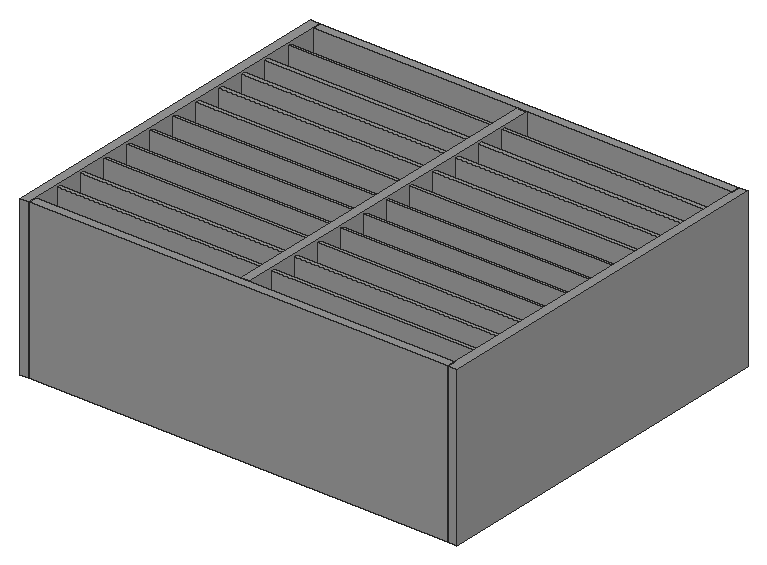
Revit family "TMI - W1810 - Wall_Open_Folio Storage1", category Casework, host Face, Revit 2016
Family settings
  Host = Face
  OmniClass Number = 23.40.35.14.11
  OmniClass Title = Modular Casework
  Cut with Voids When Loaded = No
  Shared = No
  Room Calculation Point = No
Parameters (values of type "36" x 30" x 13"")
  Width = 36"
  URL = "www.tmisystems.com"
  Two Verticals [instance] = Amount of Verticals = 2  # no
  One Vertical [instance] = Amount of Verticals = 1  # yes
  Model = "W1810"
  Manufacturer = "TMI Systems Corporation"
  Interior Finish = none
  Height = 30"
  Filler Width (Right) [instance] = 3"
  Filler Width (Left) [instance] = 3"
  Filler Right [instance] = no
  Filler Left [instance] = no
  Description = "Wall, Open, Folio Storage"
  Depth = 13"
  Default Elevation = 84"
  Casework Thickness = 3/4"
  Casework Back Thickness = 1/4"
  Cabinet Finish = Plastic Laminate
  Amount of Verticals [instance] = 1
Types (6): name | Width
  24" x 30" x 13" | 24"
  27" x 30" x 13" | 27"
  30" x 30" x 13" | 30"
  33" x 30" x 13" | 33"
  36" x 30" x 13" | 36"
  21" x 30" x 13" | 21"
Reference planes (in)
  plane 1 "Center (Front/Back)": y = 0
  plane 2: z = 0
  plane 3 "Center (Left/Right)": x = 0
  plane 4: x = -18
  plane 5: x = 18
  plane 6: y = -25.25
  plane 7: y = -4.75
  plane 8: x = -21
  plane 9: x = 21
  plane 10: z = 0.75
  plane 11: z = 1
  plane 12: y = -30
  plane 13: x = -17.25
  plane 14: y = -29.25
  plane 15: x = 17.25
  plane 16: y = -0.75
  plane 17: x = -0.375
  plane 18: x = 0.375
  plane 19: z = 12.875
  plane 20: x = -5.75
  plane 21: x = 5.75
  plane 22: x = 6.125
  plane 23: x = 5.375
  plane 24: x = -6.125
  plane 25: x = -5.375
  plane 26: z = 13
  plane 27: z = 12.25
Forms (in)
  Extrusion 1, solid, material "Plastic Laminate" <- "Cabinet Finish"
    sketch origin (0, -30, 0) x (1, 0, 0) y (0, 1, 0)
      loop
        line (-18, 30) -> (-18, 0) -> (-17.25, 0) -> (-17.25, 30) -> (-18, 30)
      loop
        line (17.25, 30) -> (17.25, 0) -> (18, 0) -> (18, 30) -> (17.25, 30)
    from 0 to 13
  Extrusion 2, solid, material "Plastic Laminate" <- "Cabinet Finish"
    sketch origin (0, -30, 0) x (1, 0, 0) y (0, 1, 0)
      loop
        line (-17.25, 29.25) -> (17.25, 29.25) -> (17.25, 30) -> (-17.25, 30) -> (-17.25, 29.25)
      loop
        line (-17.25, 0.75) -> (-17.25, 0) -> (17.25, 0) -> (17.25, 0.75) -> (-17.25, 0.75)
    from 0 to 13
  Extrusion 3, solid, material "Wood"
    sketch origin (0, -30, 0) x (1, 0, 0) y (0, 1, 0)
      loop
        line (-17.28125, 29.25) -> (-17.28125, 25.25) -> (17.28125, 25.25) -> (17.28125, 29.25) -> (-17.28125, 29.25)
      loop
        line (-17.28125, 4.75) -> (-17.28125, 0.75) -> (17.28125, 0.75) -> (17.28125, 4.75) -> (-17.28125, 4.75)
    from 0 to 0.75
  Extrusion 4, solid, material "Plastic Laminate" <- "Cabinet Finish"
    sketch origin (0, 0, 0) x (1, 0, 0) y (0, 0, 1)
      loop
        line (-17.28125, 1) -> (-17.28125, 0.75) -> (17.28125, 0.75) -> (17.28125, 1) -> (-17.28125, 1)
    from 0.36945 to 29.6345
  Extrusion 5, solid, material "Plastic Laminate" <- "Cabinet Finish", visible <- "Filler Left"
    sketch origin (0, -30, 0) x (1, 0, 0) y (0, 1, 0)
      loop
        line (-21, 30) -> (-21, 0) -> (-18, 0) -> (-18, 30) -> (-21, 30)
    from 12.25 to 13
  Extrusion 6, solid, material "Plastic Laminate" <- "Cabinet Finish", visible <- "Filler Right"
    sketch origin (0, -30, 0) x (1, 0, 0) y (0, 1, 0)
      loop
        line (21, 30) -> (18, 30) -> (18, 0) -> (21, 0) -> (21, 30)
    from 12.25 to 13
  Extrusion 7, solid, material "Plastic Laminate" <- "Cabinet Finish", visible <- "One Vertical"
    sketch origin (0, 0, 0) x (1, 0, 0) y (0, 1, 0)
      loop
        line (-0.375, -0.75) -> (-0.375, -29.25) -> (0.375, -29.25) -> (0.375, -0.75) -> (-0.375, -0.75)
    from 1 to 13
  Extrusion 8, solid, material "Plastic Laminate" <- "Cabinet Finish", visible <- "Two Verticals"
    sketch origin (0, 0, 0) x (1, 0, 0) y (0, 1, 0)
      loop
        line (6.125, -0.75) -> (5.375, -0.75) -> (5.375, -29.25) -> (6.125, -29.25) -> (6.125, -0.75)
      loop
        line (-6.125, -29.25) -> (-5.375, -29.25) -> (-5.375, -0.75) -> (-6.125, -0.75) -> (-6.125, -29.25)
    from 1 to 13
  Extrusion 9, solid, material "Plastic Laminate" <- "Cabinet Finish"
    sketch origin (0, 0, 0) x (1, 0, 0) y (0, 1, 0)
      loop
        line (-17.25, -3.125) -> (-17.25, -3.375) -> (17.25, -3.375) -> (17.25, -3.125) -> (-17.25, -3.125)
      loop
        line (-17.25, -5.5) -> (-17.25, -5.75) -> (17.25, -5.75) -> (17.25, -5.5) -> (-17.25, -5.5)
      loop
        line (-17.25, -7.875) -> (-17.25, -8.125) -> (17.25, -8.125) -> (17.25, -7.875) -> (-17.25, -7.875)
      loop
        line (-17.25, -10.25) -> (-17.25, -10.5) -> (17.25, -10.5) -> (17.25, -10.25) -> (-17.25, -10.25)
      loop
        line (-17.25, -12.625) -> (-17.25, -12.875) -> (17.25, -12.875) -> (17.25, -12.625) -> (-17.25, -12.625)
      loop
        line (-17.25, -15) -> (-17.25, -15.25) -> (17.25, -15.25) -> (17.25, -15) -> (-17.25, -15)
      loop
        line (-17.25, -17.375) -> (-17.25, -17.625) -> (17.25, -17.625) -> (17.25, -17.375) -> (-17.25, -17.375)
      loop
        line (-17.25, -19.75) -> (-17.25, -20) -> (17.25, -20) -> (17.25, -19.75) -> (-17.25, -19.75)
      loop
        line (-17.25, -22.125) -> (-17.25, -22.375) -> (17.25, -22.375) -> (17.25, -22.125) -> (-17.25, -22.125)
      loop
        line (-17.25, -24.5) -> (-17.25, -24.75) -> (17.25, -24.75) -> (17.25, -24.5) -> (-17.25, -24.5)
      loop
        line (-17.25, -26.875) -> (-17.25, -27.125) -> (17.25, -27.125) -> (17.25, -26.875) -> (-17.25, -26.875)
    from 1 to 12.875
Lines and regions (in)
  Masking region 1
    outline origin (0, 0, 0) x (1, 0, 0) y (0, 0, 1)
      loop
        line (-18, 13) -> (-18, 0) -> (18, 0) -> (18, 13) -> (-18, 13)
  Masking region 2, visible <- "Filler Left"
    outline origin (0, 0, 0) x (1, 0, 0) y (0, 0, 1)
      loop
        line (-21, 13) -> (-21, 12.25) -> (-18, 12.25) -> (-18, 13) -> (-21, 13)
  Masking region 3, visible <- "Filler Right"
    outline origin (0, 0, 0) x (1, 0, 0) y (0, 0, 1)
      loop
        line (18, 13) -> (18, 12.25) -> (21, 12.25) -> (21, 13) -> (18, 13)
  symbolic lines
    curve 1: line (18, 0, 0) -> (18, -30, 0)
    curve 2: line (0, 0, 13) -> (0, -0.75, 13)
    curve 3: line (0, -0.75, 13) -> (0, -0.75, 1)
    curve 4: line (0, -0.75, 0.75) -> (0, -0.75, 0)
    curve 5: line (0, -0.75, 0) -> (0, 0, 0)
    curve 6: line (0, 0, 0) -> (0, 0, 13)
    curve 7: line (0, -29.25, 13) -> (0, -30, 13)
    curve 8: line (0, -30, 13) -> (0, -30, 0)
    curve 9: line (0, -30, 0) -> (0, -29.25, 0)
    curve 10: line (0, -29.25, 0) -> (0, -29.25, 0.75)
    curve 11: line (0, -29.25, 1) -> (0, -29.25, 13)
  symbolic lines, style "CaseworkHiddenLines"
    curve 12: line (0, -3.125, 1) -> (0, -3.125, 12.875)
    curve 13: line (0, -3.125, 12.875) -> (0, -3.375, 12.875)
    curve 14: line (0, -3.375, 12.875) -> (0, -3.375, 1)
    curve 15: line (0, -5.5, 1) -> (0, -5.5, 12.875)
    curve 16: line (0, -5.5, 12.875) -> (0, -5.75, 12.875)
    curve 17: line (0, -5.75, 12.875) -> (0, -5.75, 1)
    curve 18: line (0, -7.875, 1) -> (0, -7.875, 12.875)
    curve 19: line (0, -7.875, 12.875) -> (0, -8.125, 12.875)
    curve 20: line (0, -8.125, 12.875) -> (0, -8.125, 1)
    curve 21: line (0, -10.25, 1) -> (0, -10.25, 12.875)
    curve 22: line (0, -10.25, 12.875) -> (0, -10.5, 12.875)
    curve 23: line (0, -10.5, 12.875) -> (0, -10.5, 1)
    curve 24: line (0, -12.625, 1) -> (0, -12.625, 12.875)
    curve 25: line (0, -12.625, 12.875) -> (0, -12.875, 12.875)
    curve 26: line (0, -12.875, 12.875) -> (0, -12.875, 1)
    curve 27: line (0, -15, 1) -> (0, -15, 12.875)
    curve 28: line (0, -15, 12.875) -> (0, -15.25, 12.875)
    curve 29: line (0, -15.25, 12.875) -> (0, -15.25, 1)
    curve 30: line (0, -17.375, 1) -> (0, -17.375, 12.875)
    curve 31: line (0, -17.375, 12.875) -> (0, -17.625, 12.875)
    curve 32: line (0, -17.625, 12.875) -> (0, -17.625, 1)
    curve 33: line (0, -19.75, 1) -> (0, -19.75, 12.875)
    curve 34: line (0, -19.75, 12.875) -> (0, -20, 12.875)
    curve 35: line (0, -20, 12.875) -> (0, -20, 1)
    curve 36: line (0, -22.125, 1) -> (0, -22.125, 12.875)
    curve 37: line (0, -22.125, 12.875) -> (0, -22.375, 12.875)
    curve 38: line (0, -22.375, 12.875) -> (0, -22.375, 1)
    curve 39: line (0, -24.5, 1) -> (0, -24.5, 12.875)
    curve 40: line (0, -24.5, 12.875) -> (0, -24.75, 12.875)
    curve 41: line (0, -24.75, 12.875) -> (0, -24.75, 1)
    curve 42: line (0, -26.875, 1) -> (0, -26.875, 12.875)
    curve 43: line (0, -26.875, 12.875) -> (0, -27.125, 12.875)
    curve 44: line (0, -27.125, 12.875) -> (0, -27.125, 1)
Dimensions and locks (in)
  "Casework Thickness": plane 4 to plane 13
  "Casework Thickness": plane 15 to plane 5
  "Filler Width (Left)": plane 8 to plane 4
  "Filler Width (Right)": plane 5 to plane 9
  "Height": plane 1 "Center (Front/Back)" to plane 12
  "Width": plane 4 to plane 5
  equal spacing: plane 4, plane 3 "Center (Left/Right)", plane 5
  "Casework Thickness": plane 10 to plane 2
  "Casework Back Thickness": plane 11 to plane 10
  "Casework Thickness": plane 14 to plane 12
  "Casework Thickness": plane 16 to plane 1 "Center (Front/Back)"
  "Casework Thickness": plane 17 to plane 18
  equal spacing: plane 17, plane 3 "Center (Left/Right)", plane 18
  "Casework Thickness": plane 24 to plane 25
  equal spacing: plane 24, plane 20, plane 25
  equal spacing: plane 23, plane 21, plane 22
  "Casework Thickness": plane 23 to plane 22
  equal spacing: plane 13, plane 20, plane 21, plane 15
  equal spacing: plane 14, Extrusion 9 sketch curve, Extrusion 9 sketch curve, Extrusion 9 sketch curve, Extrusion 9 sketch curve, Extrusion 9 sketch curve, Extrusion 9 sketch curve, Extrusion 9 sketch curve, Extrusion 9 sketch curve, Extrusion 9 sketch curve, Extrusion 9 sketch curve, Extrusion 9 sketch curve, plane 16
  locked: Extrusion 9 sketch curve to Extrusion 9 sketch curve at 0.25  (x11)
  locked: plane 14 to Extrusion 4 at 0.3845
  locked: Extrusion 4 to plane 16 at 0.38055
  "Depth": plane 26 to plane 2
  locked: plane 6 to plane 14 at 4
  locked: plane 7 to plane 16 at 4
  locked: plane 26 to plane 19 at 0.125
  locked: plane 26 to plane 27 at 0.75
  aligned and locked: plane 2 to host face
  aligned and locked: level to host face
  aligned and locked: plane 4 to Extrusion 1 sketch curve
  aligned and locked: Extrusion 1 sketch curve to plane 5
  aligned and locked: Extrusion 1 to plane 2
  aligned and locked: Extrusion 2 to plane 2
  aligned and locked: Extrusion 3 to plane 2
  aligned and locked: Extrusion 3 to plane 10
  aligned and locked: Extrusion 4 sketch curve to plane 11
  aligned and locked: Extrusion 4 sketch curve to plane 10
  aligned and locked: plane 8 to Extrusion 5 sketch curve
  aligned and locked: Extrusion 5 sketch curve to plane 4
  aligned and locked: Extrusion 5 to Extrusion 1
  aligned and locked: plane 9 to Extrusion 6 sketch curve
  aligned and locked: Extrusion 6 sketch curve to plane 5
  aligned and locked: curve 1 to plane 5
  aligned and locked: Extrusion 2 to plane 1 "Center (Front/Back)"  (x4)
  aligned and locked: Extrusion 3 to plane 7
  aligned and locked: plane 4 to Extrusion 5  (x3)
  aligned and locked: Extrusion 1 to plane 1 "Center (Front/Back)"  (x4)
  aligned and locked: Extrusion 6 to plane 5  (x2)
  aligned and locked: Extrusion 1 to plane 4
  aligned and locked: Extrusion 2 to plane 12  (x2)
  aligned and locked: plane 5 to Extrusion 1
  aligned and locked: Extrusion 1 to plane 12  (x2)
  aligned and locked: plane 2 to Masking region 1 sketch curve
  aligned and locked: Masking region 1 sketch curve to plane 5
  aligned and locked: plane 4 to Masking region 1 sketch curve
  aligned and locked: plane 16 to Extrusion 2
  aligned and locked: plane 13 to Extrusion 1
  aligned and locked: Extrusion 2 to plane 13  (x2)
  aligned and locked: plane 14 to Extrusion 2
  aligned and locked: plane 15 to Extrusion 1
  aligned and locked: Extrusion 2 to plane 15  (x2)
  aligned and locked: plane 17 to Extrusion 7 sketch curve
  aligned and locked: plane 18 to Extrusion 7 sketch curve
  aligned and locked: plane 14 to Extrusion 7 sketch curve
  aligned and locked: plane 16 to Extrusion 7 sketch curve
  aligned and locked: Extrusion 7 to plane 11
  aligned and locked: Extrusion 8 sketch curve to plane 25
  aligned and locked: Extrusion 8 sketch curve to plane 24
  aligned and locked: Extrusion 8 sketch curve to plane 22
  aligned and locked: Extrusion 8 sketch curve to plane 23
  aligned and locked: plane 16 to Extrusion 8 sketch curve  (x2)
  aligned and locked: plane 14 to Extrusion 8 sketch curve  (x2)
  aligned and locked: Extrusion 8 to plane 11
  aligned and locked: plane 8 to Masking region 2 sketch curve
  aligned and locked: Masking region 2 sketch curve to plane 4
  aligned and locked: plane 5 to Masking region 3 sketch curve
  aligned and locked: Masking region 3 sketch curve to plane 9
  aligned and locked: plane 13 to Extrusion 9 sketch curve
  aligned and locked: plane 15 to Extrusion 9 sketch curve
  aligned and locked: Extrusion 9 to plane 11
  aligned and locked: plane 19 to Extrusion 9
  aligned and locked: Extrusion 3 to plane 16
  aligned and locked: Extrusion 3 to plane 14
  aligned and locked: Extrusion 5 to plane 1 "Center (Front/Back)"
  aligned and locked: Extrusion 8 to plane 16
  aligned and locked: curve 4 to plane 16
  aligned and locked: plane 2 to curve 5
  aligned and locked: Extrusion 5 to plane 12
  aligned and locked: Extrusion 6 to plane 12
  aligned and locked: plane 2 to curve 9
  aligned and locked: curve 10 to plane 14
  aligned and locked: Extrusion 8 to plane 14
  aligned and locked: plane 26 to Masking region 1
  aligned and locked: plane 26 to Extrusion 5
  aligned and locked: plane 26 to Extrusion 2
  aligned and locked: plane 26 to Extrusion 8
  aligned and locked: plane 26 to Extrusion 7
  aligned and locked: plane 26 to Extrusion 6
  aligned and locked: curve 2 to plane 26
  aligned and locked: curve 7 to plane 26
  aligned and locked: plane 11 to curve 12
  aligned and locked: plane 11 to curve 14
  aligned and locked: plane 11 to curve 15
  aligned and locked: curve 17 to Extrusion 9
  aligned and locked: curve 15 to Extrusion 9
  aligned and locked: curve 14 to Extrusion 9
  aligned and locked: curve 12 to Extrusion 9
  aligned and locked: curve 20 to Extrusion 9
  aligned and locked: curve 18 to Extrusion 9
  aligned and locked: curve 21 to Extrusion 9
  aligned and locked: curve 23 to Extrusion 9
  aligned and locked: curve 24 to Extrusion 9
  aligned and locked: curve 26 to Extrusion 9
  aligned and locked: curve 27 to Extrusion 9
  aligned and locked: curve 29 to Extrusion 9
  aligned and locked: curve 30 to Extrusion 9
  aligned and locked: curve 32 to Extrusion 9
  aligned and locked: curve 33 to Extrusion 9
  aligned and locked: curve 35 to Extrusion 9
  aligned and locked: curve 38 to Extrusion 9
  aligned and locked: curve 36 to Extrusion 9
  aligned and locked: curve 41 to Extrusion 9
  aligned and locked: curve 39 to Extrusion 9
  aligned and locked: curve 44 to Extrusion 9
  aligned and locked: curve 42 to Extrusion 9
  aligned and locked: plane 11 to curve 17
  aligned and locked: plane 11 to curve 18
  aligned and locked: plane 11 to curve 20
  aligned and locked: plane 11 to curve 21
  aligned and locked: plane 11 to curve 23
  aligned and locked: plane 11 to curve 24
  aligned and locked: plane 11 to curve 26
  aligned and locked: plane 11 to curve 27
  aligned and locked: plane 11 to curve 29
  aligned and locked: plane 11 to curve 30
  aligned and locked: plane 11 to curve 32
  aligned and locked: plane 11 to curve 33
  aligned and locked: plane 11 to curve 35
  aligned and locked: plane 11 to curve 36
  aligned and locked: plane 11 to curve 38
  aligned and locked: plane 11 to curve 39
  aligned and locked: plane 11 to curve 41
  aligned and locked: plane 11 to curve 42
  aligned and locked: plane 11 to curve 44
  aligned and locked: curve 19 to plane 19
  aligned and locked: curve 22 to plane 19
  aligned and locked: curve 13 to plane 19
  aligned and locked: curve 16 to plane 19
  aligned and locked: curve 25 to plane 19
  aligned and locked: curve 34 to plane 19
  aligned and locked: curve 31 to plane 19
  aligned and locked: curve 28 to plane 19
  aligned and locked: curve 37 to plane 19
  aligned and locked: curve 40 to plane 19
  aligned and locked: curve 43 to plane 19
  aligned and locked: Extrusion 6 to plane 27
  aligned and locked: Extrusion 5 to plane 27
  aligned and locked: Masking region 3 to plane 27
  aligned and locked: Masking region 2 to plane 27
Automatic sketch dimensions
  host sketch curve to host sketch curve = 96"
  host sketch curve to host sketch curve = 95"
  curve 1 to plane 12 = 0"
  plane 1 "Center (Front/Back)" to curve 1 = 0"
  Extrusion 1 sketch curve to plane 12 = 0"  (x2)
  plane 1 "Center (Front/Back)" to Extrusion 1 sketch curve = 0"  (x2)
  Extrusion 2 sketch curve to plane 12 = 0"
  plane 1 "Center (Front/Back)" to Extrusion 2 sketch curve = 0"
  Extrusion 3 sketch curve to plane 6 = 0"
  Extrusion 3 sketch curve to plane 7 = 0"
  Extrusion 5 sketch curve to plane 12 = 0"
  plane 1 "Center (Front/Back)" to Extrusion 5 sketch curve = 0"
  Extrusion 6 sketch curve to plane 12 = 0"
  plane 1 "Center (Front/Back)" to Extrusion 6 sketch curve = 0"
  Extrusion 2 sketch curve to plane 16 = 0"
  Extrusion 3 sketch curve to plane 16 = 0"
  Extrusion 1 sketch curve to plane 13 = 0"
  Extrusion 2 sketch curve to plane 13 = 0"  (x2)
  Extrusion 3 sketch curve to plane 13 = 1/32"  (x2)
  Extrusion 4 sketch curve to plane 13 = 1/32"
  Extrusion 2 sketch curve to plane 14 = 0"
  Extrusion 3 sketch curve to plane 14 = 0"
  Extrusion 1 sketch curve to plane 15 = 0"
  Extrusion 2 sketch curve to plane 15 = 0"  (x2)
  Extrusion 3 sketch curve to plane 15 = 1/32"  (x2)
  Extrusion 4 sketch curve to plane 15 = 1/32"
  Extrusion 9 sketch curve to plane 13 = 0"  (x10)
  Extrusion 9 sketch curve to plane 15 = 0"  (x10)
  Masking region 1 sketch curve to plane 26 = 0"
  plane 26 to Masking region 2 sketch curve = 0"
  plane 26 to Masking region 3 sketch curve = 0"
  curve 8 to plane 12 = 0"
  curve 11 to plane 14 = 0"
  curve 2 to plane 16 = 0"
  curve 6 to plane 1 "Center (Front/Back)" = 0"
  plane 10 to curve 10 = 0"
  plane 10 to curve 4 = 0"
  curve 3 to plane 11 = 0"
  curve 11 to plane 11 = 0"
  level to Masking region 2 sketch curve = 12 1/4"
  level to Masking region 3 sketch curve = 12 1/4"
